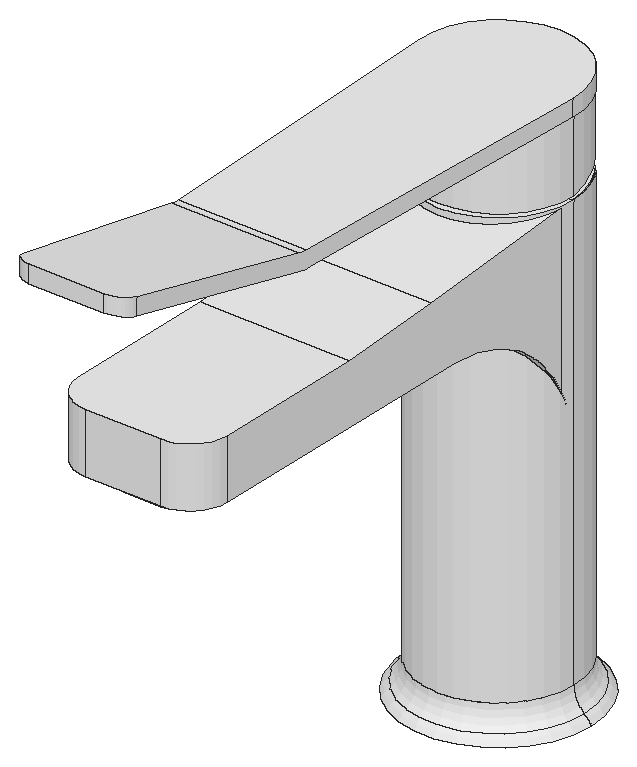
Revit family "Plum Fix_Tap_Argent_Pace Comfort 170 Basin Mixer", category Plumbing Fixtures, Revit 2016
Family settings
  Part Type = Normal
  Round Connector Dimension = Use Diameter
  OmniClass Number = 23.45.55.17
  OmniClass Title = Mixing Faucets
  Work Plane-Based = No
  Always vertical = Yes
  Cut with Voids When Loaded = Yes
  Shared = No
  Room Calculation Point = No
Parameters (values of type "Chrome")
  Waste Connection = no
  WFU = 0
  Vent Connection = no
  URL = "https://www.argentaust.com.au/"
  Type Comments = "Chrome Finish"
  ModifiedIssue_ANZRS = 20190503
  Model = "BL222625"  # constant formula
  Manufacturer_URL__Product Specific = "https://www.argentaust.com.au/argent-tapware-basin-mixers-basin-mixers-pace-comfort-170-basin-mixer?item=8824"
  Manufacturer_Spec Code = Model  # "BL222625"
  Manufacturer_Overall Width = 50 mm  # constant formula
  Manufacturer_Overall Height = 163 mm  # constant formula
  Manufacturer_Overall Depth = 170 mm  # constant formula
  Manufacturer_Height From FFL [instance] = 900 mm
  Manufacturer = "Argent"  # constant formula
  Keynote = ""
  HWFU = 0
  HW Connection = yes
  Description = "Pace Comfort 170 Basin Mixer"  # constant formula
  CreatedBy_ANZRS = "IGS BIM Solutions"  # constant formula
  CreatedByURL_ANZRS = "http://www.igsgroup.com.au"
  Cost = 0
  CWFU = 0
  CW Connection = yes
  Body Material = z_Argent_Chrome
  Assembly Code = ""
Reference planes
  plane 1 "Ref. Level": z = 0
  plane 2 "Center (Left/Right)": x = -4.48
  plane 3 "Left": x = -29.48
  plane 4 "Right": x = 20.52
  plane 5 "Center (Front/Back)": y = -400.5
  plane 6 "Back": y = -315.5
  plane 7 "Bottom": z = 900
  plane 8 "Front": y = -485.5
  plane 9 "Top": z = 1063
  plane 10 "Back Offset": y = -340.5
  plane 11 "Top Offset": z = 1025
  plane 12 "Face of Tap": z = 997
  plane 13 "Vertical Tap center": y = -452.5
Forms (mm)
  Revolve 1, solid, material "z_Argent_Chrome" <- "Body Material"
    sketch origin (0, -340.5, 1045.126) x (0, 0, -1) y (-1, 0, 0)
      loop
        line (145.126, 4.48) -> (145.126, 29.48)
        arc (145.126, 29.48) -> (143.919, 28.562) -> (142.835, 27.503) r 12.297
        arc (142.835, 27.503) -> (140.148, 25.558) -> (136.903, 24.871) r 8
        line (136.903, 24.871) -> (0, 24.871) -> (0, 22.48) -> (137.773, 22.48) -> (137.773, 4.48) -> (145.126, 4.48)
      axis (0, 4.48) -> (145.126, 4.48)
    angle from 0 to 360
  Extrusion 2, solid, material "z_Argent_Chrome" <- "Body Material"
    sketch origin (-4.48, 0, 1063) x (0, 1, 0) y (1, 0, 0)
      loop
        line (-485.5, 10.099) -> (-485.5, -10.1)
        arc (-485.5, -10.1) -> (-484.102, -13.568) -> (-480.689, -15.096) r 5
        line (-480.689, -15.096) -> (-340.97, -20.373)
        arc (-340.97, -20.373) -> (-319.806, 0.008) -> (-340.972, 20.387) r 20.395
        line (-340.972, 20.387) -> (-480.689, 15.096)
        arc (-480.689, 15.096) -> (-484.102, 13.567) -> (-485.5, 10.099) r 5
    from 0 to 17.874
  Extrusion 3, void
    sketch origin (20.52, 0, 0) x (0, 1, 0) y (0, 0, 1)
      loop
        line (-426.442, 1049.626) -> (-315.5, 1049.626) -> (-315.5, 1065.626) -> (-499.627, 1065.626) -> (-428.719, 1049.876)
        arc (-428.719, 1049.876) -> (-427.587, 1049.688) -> (-426.442, 1049.626) r 10.5
      loop
        line (-496.155, 1060.245) -> (-496.155, 1030.126) -> (-422.735, 1030.126) -> (-422.735, 1045.126) -> (-426.991, 1045.126)
        arc (-426.991, 1045.126) -> (-428.082, 1045.185) -> (-429.159, 1045.364) r 10
        line (-429.159, 1045.364) -> (-496.155, 1060.245)
    from -48.026 to -1.3
  Extrusion 4, void
    sketch origin (20.52, 0, 0) x (0, 1, 0) y (0, 0, 1)
      loop
        line (-318.939, 1025) -> (-318.939, 1031.777) -> (-340.5, 1026) -> (-362.815, 1026) -> (-362.815, 1025) -> (-318.939, 1025)
    from -47.678 to -2.172
  Revolve 5, solid, material "z_Argent_Chrome" <- "Body Material"
    sketch origin (0, -340.5, 1045.126) x (0, 0, -1) y (-1, 0, 0)
      loop
        line (0, 22.48) -> (0, 4.48) -> (137.773, 4.48) -> (137.773, 22.48) -> (0, 22.48)
      axis (0, 4.48) -> (137.773, 4.48)
    angle from 0 to 360
  Blend 6, solid, material "z_Argent_Chrome" <- "Body Material"
    base sketch origin (0, -485.5, 0) x (0, 0, 1) y (-1, 0, 0)
      loop
        line (1025, 24.48) -> (1003, 24.48) -> (1003, -15.52) -> (1025, -15.52) -> (1025, 24.48)
    top sketch origin (0, -485.5, 0) x (0, 0, 1) y (-1, 0, 0)
      loop
        line (1025, 27.48) -> (955, 27.48) -> (955, -18.52) -> (1025, -18.52) -> (1025, 27.48)
    from -16.854 to -171.863
  Extrusion 7, void
    sketch origin (20.52, 0, 0) x (0, 1, 0) y (0, 0, 1)
      loop
        line (-485.5, 1003) -> (-485.5, 929.846) -> (-340.5, 929.846) -> (-340.5, 963)
        arc (-340.5, 963) -> (-352.216, 991.284) -> (-380.5, 1003) r 40
        line (-380.5, 1003) -> (-485.5, 1003)
      loop
        line (-340.5, 1025) -> (-485.5, 1025) -> (-485.5, 1019.052) -> (-415.372, 1019.052)
        arc (-415.372, 1019.052) -> (-401.572, 1019.511) -> (-387.832, 1020.886) r 207.698
        arc (-387.832, 1020.886) -> (-364.214, 1023.491) -> (-340.5, 1025) r 513.448
    from -46.978 to -2.771
  Extrusion 8, void
    sketch origin (0, 0, 1063) x (0, 1, 0) y (-1, 0, 0)
      loop
        line (-310.301, 31.002) -> (-487.279, 31.002) -> (-487.279, -19.207) -> (-310.301, -19.207) -> (-310.301, 31.002)
      loop
        line (-340.5, 24.48) -> (-456.473, 24.48)
        arc (-456.473, 24.48) -> (-463.544, 21.551) -> (-466.473, 14.48) r 10
        line (-466.473, 14.48) -> (-466.473, -5.52)
        arc (-466.473, -5.52) -> (-463.544, -12.591) -> (-456.473, -15.52) r 10
        line (-456.473, -15.52) -> (-340.5, -15.52)
        arc (-340.5, -15.52) -> (-320.5, 4.48) -> (-340.5, 24.48) r 20
    from -35.697 to -131.154
  Extrusion 9, solid, material "z_Argent_Chrome" <- "Body Material"
    sketch origin (-4.48, 22.5, 1063) x (0, 1, 0) y (1, 0, 0)
      loop
        line (-467.5, -5) -> (-467.5, 5)
        arc (-467.5, 5) -> (-468.964, 8.536) -> (-472.5, 10) r 5
        line (-472.5, 10) -> (-477.5, 10)
        arc (-477.5, 10) -> (-481.036, 8.536) -> (-482.5, 5) r 5
        line (-482.5, 5) -> (-482.5, -5)
        arc (-482.5, -5) -> (-481.036, -8.536) -> (-477.5, -10) r 5
        line (-477.5, -10) -> (-472.5, -10)
        arc (-472.5, -10) -> (-468.964, -8.536) -> (-467.5, -5) r 5
      loop
        circle (-475, 0) r 5
    from 53 to 66
  Extrusion 10, void
    sketch origin (20.52, 22.5, 0) x (0, 1, 0) y (0, 0, 1)
      loop
        line (-467.5, 997) -> (-483.278, 998.371) -> (-483.278, 997) -> (-467.5, 997)
    from -35 to -15
  Extrusion 11, solid, material "z_Argent_Chrome" <- "Body Material"
    sketch origin (-189.564, -1524, 900) x (0, -1, 0) y (1, 0, 0)
      loop
        circle (-1183.5, 195.647) r 6.4
      loop
        circle (-1183.5, 174.521) r 6.4
    from 0 to 1
Cuts and joins
  Extrusion 3 cuts Extrusion 2
  Extrusion 4 cuts Revolve 1
  Extrusion 7, Extrusion 8 cuts Blend 6
  Extrusion 10 cuts Extrusion 9
Lines and regions (mm)
  Masking region 1
    outline origin (0, 0, 1063) x (0, 1, 0) y (-1, 0, 0)
      loop
        line (-464.689, 20.18) -> (-480.689, 19.576)
        arc (-480.689, 19.576) -> (-484.102, 18.048) -> (-485.5, 14.58) r 5
        line (-485.5, 14.58) -> (-485.5, -5.62)
        arc (-485.5, -5.62) -> (-484.102, -9.087) -> (-480.689, -10.616) r 5
        line (-480.689, -10.616) -> (-464.688, -11.222)
        arc (-464.688, -11.222) -> (-461.109, -14.381) -> (-456.473, -15.52) r 10
        line (-456.473, -15.52) -> (-355.5, -15.52)
        arc (-355.5, -15.52) -> (-316.783, -3.426) -> (-340.5, 29.48) r 25
        arc (-340.5, 29.48) -> (-348.406, 28.197) -> (-355.5, 24.48) r 25
        line (-355.5, 24.48) -> (-456.473, 24.48)
        arc (-456.473, 24.48) -> (-461.11, 23.34) -> (-464.689, 20.18) r 10
  Masking region 2
    outline origin (0, -485.5, 0) x (0, 0, 1) y (-1, 0, 0)
      loop
        line (900, 29.48) -> (900, -20.52)
        arc (900, -20.52) -> (901.245, -19.612) -> (902.319, -18.506) r 9.08
        arc (902.319, -18.506) -> (904.745, -16.7) -> (907.675, -15.946) r 7.847
        line (907.675, -15.946) -> (1025, -15.946) -> (1025, -13.52) -> (1026, -13.52) -> (1026, -15.911) -> (1049.626, -15.911) -> (1049.626, -12.621) -> (1061.419, -10.616)
        spline (1061.419, -10.616) -> (1061.555, -10.556) -> (1061.689, -10.424) -> (1061.818, -10.216) -> (1061.941, -9.935) -> (1062.055, -9.586) -> (1062.158, -9.175) -> (1062.25, -8.707) -> (1062.329, -8.19) -> (1062.392, -7.632) -> (1062.441, -7.042) -> (1062.473, -6.429) -> (1062.488, -5.802)
        line (1062.488, -5.802) -> (1062.488, 14.762)
        spline (1062.488, 14.762) -> (1062.473, 15.389) -> (1062.441, 16.002) -> (1062.392, 16.592) -> (1062.329, 17.15) -> (1062.25, 17.667) -> (1062.158, 18.135) -> (1062.055, 18.546) -> (1061.941, 18.895) -> (1061.818, 19.176) -> (1061.689, 19.384) -> (1061.555, 19.516) -> (1061.419, 19.571)
        line (1061.419, 19.571) -> (1049.626, 21.581) -> (1049.626, 24.871) -> (1026, 24.871) -> (1026, 22.48) -> (1025, 22.48) -> (1025, 24.906) -> (907.675, 24.906)
        arc (907.675, 24.906) -> (904.745, 25.66) -> (902.319, 27.466) r 7.847
        arc (902.319, 27.466) -> (901.245, 28.572) -> (900, 29.48) r 9.08
  Masking region 3
    outline origin (20.52, 0, 0) x (0, 1, 0) y (0, 0, 1)
      loop
        arc (-380.5, 1003) -> (-370.352, 1001.691) -> (-360.869, 997.851) r 40
        line (-360.869, 997.851) -> (-360.869, 908.094)
        arc (-360.869, 908.094) -> (-361.563, 905.001) -> (-363.397, 902.416) r 8.048
        arc (-363.397, 902.416) -> (-364.507, 901.26) -> (-365.497, 900) r 16.064
        line (-365.497, 900) -> (-315.503, 900)
        arc (-315.503, 900) -> (-316.493, 901.26) -> (-317.603, 902.416) r 16.064
        arc (-317.603, 902.416) -> (-319.437, 905.001) -> (-320.131, 908.094) r 8.048
        line (-320.131, 908.094) -> (-320.131, 1025) -> (-322.5, 1025) -> (-322.5, 1030.823) -> (-319.806, 1031.545) -> (-319.806, 1049.626) -> (-426.442, 1049.626)
        arc (-426.442, 1049.626) -> (-427.587, 1049.688) -> (-428.719, 1049.876) r 10.5
        line (-428.719, 1049.876) -> (-485.5, 1062.488) -> (-485.5, 1057.878) -> (-429.159, 1045.364)
        arc (-429.159, 1045.364) -> (-428.082, 1045.185) -> (-426.991, 1045.126) r 10
        line (-426.991, 1045.126) -> (-360.891, 1045.126) -> (-360.891, 1026) -> (-358.5, 1026) -> (-358.5, 1025) -> (-360.891, 1025) -> (-360.891, 1023.769)
        arc (-360.891, 1023.769) -> (-374.38, 1022.505) -> (-387.832, 1020.886) r 513.448
        arc (-387.832, 1020.886) -> (-401.572, 1019.511) -> (-415.372, 1019.052) r 207.698
        line (-415.372, 1019.052) -> (-466.473, 1019.052) -> (-466.473, 1003) -> (-460, 1003) -> (-460, 998.304) -> (-444.999, 997) -> (-444.999, 1003) -> (-380.5, 1003)
  symbolic lines, style "Taps/Mixers", detail levels medium+fine
    curve 1: arc (-24.853, -340.97, 1063) -> (-4.472, -319.806, 1063) -> (15.907, -340.972, 1063) r 20.395
    curve 3: line (15.907, -340.972, 1063) -> (15.348, -355.726, 1063)
    curve 4: line (-24.295, -355.744, 1063) -> (-24.853, -340.97, 1063)
    curve 6: line (-24.871, -485.5, 1045.126) -> (15.911, -485.5, 1045.126)
    curve 7: line (15.911, -485.5, 1026) -> (-24.871, -485.5, 1026)
    curve 8: line (-24.871, -485.5, 1025) -> (15.911, -485.5, 1025)
    curve 9: line (15.52, -485.5, 1003) -> (-24.48, -485.5, 1003)
    curve 10: line (-24.48, -485.5, 1019.052) -> (15.52, -485.5, 1019.052)
    curve 11: line (-14.48, -485.5, 1003) -> (-14.48, -485.5, 997.434)
    curve 12: line (0.611, -485.5, 997) -> (-9.571, -485.5, 997)
    curve 13: spline (-9.571, -485.5, 997) -> (-10.215, -485.5, 997.005) -> (-10.848, -485.5, 997.017) -> (-11.457, -485.5, 997.035) -> (-12.033, -485.5, 997.061) -> (-12.566, -485.5, 997.093) -> (-13.047, -485.5, 997.13) -> (-13.469, -485.5, 997.173) -> (-13.825, -485.5, 997.219) -> (-14.107, -485.5, 997.27) -> (-14.313, -485.5, 997.323) -> (-14.437, -485.5, 997.378) -> (-14.479, -485.5, 997.434)
    curve 14: line (5.52, -485.5, 1003) -> (5.52, -485.5, 997.434)
    curve 15: spline (0.611, -485.5, 997) -> (1.255, -485.5, 997.005) -> (1.888, -485.5, 997.017) -> (2.497, -485.5, 997.035) -> (3.073, -485.5, 997.061) -> (3.606, -485.5, 997.093) -> (4.087, -485.5, 997.13) -> (4.509, -485.5, 997.173) -> (4.865, -485.5, 997.219) -> (5.147, -485.5, 997.27) -> (5.353, -485.5, 997.323) -> (5.477, -485.5, 997.378) -> (5.519, -485.5, 997.434)
    curve 21: line (-24.48, -485.5, 1019.052) -> (-24.48, -485.5, 1003)
    curve 22: line (15.52, -485.5, 1003) -> (15.52, -485.5, 1019.052)
    curve 25: arc (-14.48, -485.5, 997.869) -> (-13.798, -485.5, 998.096) -> (-13.084, -485.5, 998.166) r 3.224
    curve 26: arc (-13.084, -485.5, 998.166) -> (-11.758, -485.5, 998.26) -> (-10.429, -485.5, 998.305) r 35.976
    curve 27: line (-10.429, -485.5, 998.305) -> (1.469, -485.5, 998.305)
    curve 28: arc (5.52, -485.5, 997.869) -> (4.839, -485.5, 998.096) -> (4.124, -485.5, 998.166) r 3.224
    curve 29: arc (4.124, -485.5, 998.166) -> (2.798, -485.5, 998.26) -> (1.469, -485.5, 998.305) r 35.976
    curve 31: line (20.52, -360.891, 1026) -> (20.52, -340.5, 1026)
    curve 32: line (20.52, -340.5, 1026) -> (20.52, -320.258, 1031.424)
    curve 33: line (20.52, -360.891, 1025) -> (20.52, -320.109, 1025)
    curve 35: line (20.52, -460, 1003) -> (20.52, -444.999, 1003)
    curve 36: arc (-29.48, -340.5, 1063) -> (-28.148, -348.551, 1063) -> (-24.295, -355.744, 1063) r 25
    curve 37: arc (15.348, -355.726, 1063) -> (3.56, -316.828, 1063) -> (-29.48, -340.5, 1063) r 25
  symbolic lines, style "Taps/Mixers", detail levels fine
    curve 2: line (-20.18, -464.689, 1063) -> (-24.295, -355.744, 1063)
    curve 5: line (15.348, -355.726, 1063) -> (11.222, -464.688, 1063)
    curve 16: line (-19.576, -485.5, 1056.809) -> (-21.563, -485.5, 1045.126)
    curve 17: spline (-14.762, -485.5, 1057.878) -> (-15.389, -485.5, 1057.863) -> (-16.002, -485.5, 1057.831) -> (-16.592, -485.5, 1057.783) -> (-17.15, -485.5, 1057.719) -> (-17.667, -485.5, 1057.64) -> (-18.135, -485.5, 1057.549) -> (-18.546, -485.5, 1057.445) -> (-18.895, -485.5, 1057.331) -> (-19.176, -485.5, 1057.209) -> (-19.384, -485.5, 1057.079) -> (-19.516, -485.5, 1056.946) -> (-19.571, -485.5, 1056.809)
    curve 18: line (-14.762, -485.5, 1057.878) -> (5.802, -485.5, 1057.878)
    curve 19: spline (10.61, -485.5, 1056.81) -> (10.556, -485.5, 1056.946) -> (10.423, -485.5, 1057.08) -> (10.215, -485.5, 1057.209) -> (9.935, -485.5, 1057.331) -> (9.586, -485.5, 1057.445) -> (9.174, -485.5, 1057.549) -> (8.707, -485.5, 1057.64) -> (8.19, -485.5, 1057.719) -> (7.632, -485.5, 1057.783) -> (7.042, -485.5, 1057.831) -> (6.428, -485.5, 1057.863) -> (5.802, -485.5, 1057.878)
    curve 20: line (10.616, -485.5, 1056.809) -> (12.603, -485.5, 1045.126)
    curve 23: spline (-4.48, -485.5, 997.217) -> (-3.184, -485.5, 997.232) -> (-1.977, -485.5, 997.276) -> (-0.942, -485.5, 997.345) -> (-0.147, -485.5, 997.435) -> (0.352, -485.5, 997.54) -> (0.522, -485.5, 997.652) -> (0.352, -485.5, 997.764) -> (-0.147, -485.5, 997.869) -> (-0.942, -485.5, 997.959) -> (-1.977, -485.5, 998.028) -> (-3.184, -485.5, 998.071) -> (-4.48, -485.5, 998.087)
    curve 24: spline (-4.48, -485.5, 998.087) -> (-5.776, -485.5, 998.071) -> (-6.983, -485.5, 998.028) -> (-8.018, -485.5, 997.959) -> (-8.813, -485.5, 997.869) -> (-9.312, -485.5, 997.764) -> (-9.482, -485.5, 997.652) -> (-9.312, -485.5, 997.54) -> (-8.813, -485.5, 997.435) -> (-8.018, -485.5, 997.345) -> (-6.983, -485.5, 997.276) -> (-5.776, -485.5, 997.232) -> (-4.48, -485.5, 997.217)
    curve 30: line (20.52, -360.891, 1045.126) -> (20.52, -319.806, 1045.126)
    curve 34: arc (20.52, -340.501, 963.319) -> (20.52, -352.329, 991.397) -> (20.52, -380.5, 1003) r 40
Text (mm)
  text "Disclaimer:\n\nDue to ongoing product development and manufacturing evolution, product details are subject to change without notice. Please refer to product technical data sheets on the manufacturer’s website for the most current product information. Please allow a +/- 5mm manufacturing tolerance for dimensions and set-outs shown in product literature." at (113.886, -314.392, 0), in view "Ref. Level_Instruction"
Dimensions and locks
  "Manufacturer_Overall Height": plane 9 "Top" to plane 7 "Bottom"
  equal spacing: plane 3 "Left", plane 2 "Center (Left/Right)", plane 4 "Right"
  "Manufacturer_Overall Width": plane 3 "Left" to plane 4 "Right"
  "Manufacturer_Overall Depth": plane 8 "Front" to plane 6 "Back"
  equal spacing: plane 8 "Front", plane 5 "Center (Front/Back)", plane 6 "Back"
  "Manufacturer_Height From FFL": plane 7 "Bottom" to level
  plane 7 "Bottom" to plane 11 "Top Offset" = 125 mm
  plane 7 "Bottom" to plane 12 "Face of Tap" = 97 mm
  plane 13 "Vertical Tap center" to plane 10 "Back Offset" = 112 mm
  aligned and locked: Extrusion 2 sketch curve to plane 8 "Front"
  aligned and locked: cut or joined group of Extrusion 2, Extrusion 3 to Extrusion 3 sketch curve
  aligned and locked: Extrusion 4 sketch curve to plane 11 "Top Offset"
  aligned and locked: Revolve 5 sketch curve to plane 2 "Center (Left/Right)"
  aligned and locked: Extrusion 7 sketch curve to plane 8 "Front"
  aligned and locked: Extrusion 9 to plane 12 "Face of Tap"
  aligned and locked: Extrusion 7 sketch curve to plane 11 "Top Offset"
  aligned and locked: Revolve 5 sketch curve to cut or joined group of Revolve 1, Extrusion 4
  aligned and locked: plane 6 "Back" to Extrusion 3 sketch curve
Automatic sketch dimensions
  Extrusion 4 sketch curve to plane 10 "Back Offset" = 0 mm
  plane 10 "Back Offset" to Extrusion 4 sketch curve = 22.315 mm
  Extrusion 4 sketch curve to plane 6 "Back" = 3.439 mm
  Extrusion 4 sketch curve to plane 11 "Top Offset" = 1 mm
  Extrusion 4 sketch curve to Extrusion 4 sketch curve = 6.777 mm
  Blend 6 sketch curve to plane 11 "Top Offset" = 0 mm  (x2)
  Blend 6 sketch curve to plane 4 "Right" = 2 mm
  Blend 6 sketch curve to plane 7 "Bottom" = 55 mm
  plane 3 "Left" to Blend 6 sketch curve = 2 mm
  Extrusion 9 sketch curve to plane 2 "Center (Left/Right)" = 0 mm
  Extrusion 9 sketch curve to plane 8 "Front" = 25.5 mm
  Extrusion 9 sketch curve to Extrusion 9 sketch curve = 5 mm  (x5)
  Extrusion 9 sketch curve to Extrusion 9 sketch curve = 2.5 mm
  plane 2 "Center (Left/Right)" to Extrusion 9 sketch curve = 5 mm
  Extrusion 9 sketch curve to plane 2 "Center (Left/Right)" = 5 mm
  Extrusion 2 sketch curve to plane 8 "Front" = 4.811 mm  (x2)
  Extrusion 2 sketch curve to plane 8 "Front" = 5 mm  (x2)
  plane 10 "Back Offset" to Extrusion 2 sketch curve = 0.472 mm
  plane 10 "Back Offset" to Extrusion 2 sketch curve = 0.47 mm
  plane 2 "Center (Left/Right)" to Extrusion 2 sketch curve = 0.007 mm
  Extrusion 2 sketch curve to plane 10 "Back Offset" = 0.299 mm
  plane 2 "Center (Left/Right)" to Extrusion 2 sketch curve = 10.099 mm
  Extrusion 2 sketch curve to plane 4 "Right" = 4.613 mm
  Extrusion 2 sketch curve to plane 2 "Center (Left/Right)" = 10.1 mm
  Extrusion 8 sketch curve to plane 2 "Center (Left/Right)" = 0 mm
  plane 10 "Back Offset" to Extrusion 8 sketch curve = 0 mm
  Extrusion 8 sketch curve to plane 13 "Vertical Tap center" = 3.973 mm  (x2)
  Extrusion 8 sketch curve to Extrusion 8 sketch curve = 10 mm
  Extrusion 8 sketch curve to plane 4 "Right" = 1.313 mm
  plane 6 "Back" to Extrusion 8 sketch curve = 5.199 mm
  Extrusion 8 sketch curve to plane 4 "Right" = 5 mm
  Extrusion 8 sketch curve to plane 3 "Left" = 1.522 mm
  plane 8 "Front" to Extrusion 8 sketch curve = 1.779 mm
  Masking region 1 sketch curve to Masking region 1 sketch curve = 0 mm  (x2)
  plane 8 "Front" to Masking region 1 sketch curve = 0 mm
  Masking region 1 sketch curve to plane 2 "Center (Left/Right)" = 0 mm
  plane 10 "Back Offset" to Masking region 1 sketch curve = 0 mm
  Masking region 1 sketch curve to plane 3 "Left" = 0 mm
  Masking region 1 sketch curve to plane 8 "Front" = 4.811 mm  (x2)
  Masking region 1 sketch curve to plane 8 "Front" = 5 mm  (x2)
  Masking region 1 sketch curve to plane 13 "Vertical Tap center" = 12.189 mm
  Masking region 1 sketch curve to plane 13 "Vertical Tap center" = 12.188 mm
  Masking region 1 sketch curve to plane 13 "Vertical Tap center" = 3.973 mm  (x2)
  Masking region 1 sketch curve to plane 4 "Right" = 5 mm
  plane 3 "Left" to Masking region 1 sketch curve = 5 mm
  Masking region 1 sketch curve to Masking region 1 sketch curve = 4.298 mm
  Masking region 1 sketch curve to plane 4 "Right" = 9.904 mm
  Masking region 1 sketch curve to plane 2 "Center (Left/Right)" = 10 mm
  Masking region 1 sketch curve to plane 2 "Center (Left/Right)" = 10.1 mm
  plane 10 "Back Offset" to curve 4 = 0.47 mm
  plane 2 "Center (Left/Right)" to curve 1 = 0.007 mm
  curve 1 to plane 10 "Back Offset" = 0.299 mm
  plane 3 "Left" to curve 4 = 4.627 mm
  plane 10 "Back Offset" to curve 1 = 0.472 mm
  curve 2 to plane 8 "Front" = 20.811 mm
  plane 3 "Left" to curve 2 = 9.3 mm
  curve 5 to plane 8 "Front" = 20.812 mm
  curve 5 to plane 4 "Right" = 9.298 mm
  curve 4 to curve 1 = 14.773 mm
  curve 3 to plane 4 "Right" = 5.172 mm
  curve 3 to curve 3 = 14.754 mm
  plane 3 "Left" to curve 2 = 5.185 mm
  curve 12 to plane 12 "Face of Tap" = 0 mm
  curve 24 to plane 2 "Center (Left/Right)" = 0 mm  (x2)
  curve 8 to plane 11 "Top Offset" = 0 mm
  curve 25 to plane 12 "Face of Tap" = 2.058 mm
  curve 28 to plane 12 "Face of Tap" = 2.058 mm
  plane 2 "Center (Left/Right)" to curve 29 = 5.395 mm
  curve 29 to curve 28 = 32.609 mm
  curve 26 to plane 2 "Center (Left/Right)" = 5.395 mm
  curve 26 to curve 29 = 0 mm
  plane 12 "Face of Tap" to curve 27 = 1.305 mm
  plane 12 "Face of Tap" to curve 9 = 6 mm
  plane 11 "Top Offset" to curve 22 = 5.948 mm
  plane 9 "Top" to curve 18 = 5.122 mm
  plane 2 "Center (Left/Right)" to curve 27 = 5.949 mm
  curve 28 to curve 27 = 2.699 mm
  plane 2 "Center (Left/Right)" to curve 18 = 10.282 mm
  curve 22 to plane 4 "Right" = 5 mm
  curve 27 to curve 12 = 0.858 mm
  curve 12 to plane 2 "Center (Left/Right)" = 5.091 mm
  curve 12 to curve 27 = 0.858 mm
  curve 13 to curve 25 = 3.557 mm
  curve 18 to plane 2 "Center (Left/Right)" = 10.282 mm
  plane 3 "Left" to curve 10 = 5 mm
  plane 12 "Face of Tap" to curve 24 = 0.217 mm
  plane 12 "Face of Tap" to curve 11 = 0.434 mm
  plane 12 "Face of Tap" to curve 14 = 0.434 mm
  curve 15 to curve 14 = 0 mm
  plane 12 "Face of Tap" to curve 13 = 0.434 mm
  curve 15 to curve 23 = 0.218 mm
  curve 14 to curve 28 = 0.435 mm
  curve 11 to curve 25 = 0.435 mm
  plane 12 "Face of Tap" to curve 29 = 1.166 mm
  plane 12 "Face of Tap" to curve 26 = 1.166 mm
  curve 7 to plane 11 "Top Offset" = 1 mm
  plane 3 "Left" to curve 16 = 7.917 mm
  curve 16 to curve 17 = 12.752 mm
  curve 17 to curve 17 = 1.095 mm
  curve 19 to curve 18 = 1.095 mm
  curve 17 to curve 17 = 0.026 mm
  curve 17 to curve 16 = 0 mm
  curve 19 to curve 20 = 0.026 mm
  curve 20 to curve 19 = 0 mm
  curve 14 to curve 15 = 0.001 mm
  curve 18 to curve 19 = 0.246 mm
  curve 19 to curve 18 = 4.809 mm
  curve 20 to curve 19 = 0.006 mm
  curve 20 to plane 4 "Right" = 7.917 mm
  curve 8 to plane 4 "Right" = 4.609 mm
  curve 7 to curve 8 = 0 mm  (x2)
  curve 6 to curve 20 = 3.308 mm
  curve 15 to curve 23 = 0.089 mm
  curve 23 to curve 15 = 0.013 mm
  plane 2 "Center (Left/Right)" to curve 24 = 0.019 mm
  curve 23 to plane 2 "Center (Left/Right)" = 0.019 mm
  curve 13 to curve 12 = 0.101 mm
  curve 13 to curve 24 = 0.013 mm
  curve 13 to curve 11 = 0.001 mm
  curve 17 to curve 17 = 0.246 mm
  curve 17 to curve 17 = 4.809 mm
  curve 17 to curve 16 = 0.006 mm
  plane 3 "Left" to curve 7 = 4.609 mm
  curve 16 to curve 6 = 3.308 mm
  Revolve 1 sketch curve to plane 2 "Center (Left/Right)" = 0 mm  (x2)
  Revolve 1 sketch curve to plane 7 "Bottom" = 0 mm
  Revolve 1 sketch curve to plane 3 "Left" = 0 mm
  plane 7 "Bottom" to Revolve 1 sketch curve = 7.353 mm
  Revolve 1 sketch curve to Revolve 1 sketch curve = 0.87 mm
  Revolve 1 sketch curve to plane 3 "Left" = 7 mm
  Revolve 1 sketch curve to plane 9 "Top" = 17.874 mm
  Revolve 1 sketch curve to plane 7 "Bottom" = 6.827 mm
  Revolve 1 sketch curve to plane 3 "Left" = 10.228 mm
  Revolve 1 sketch curve to Revolve 1 sketch curve = 2.391 mm
  plane 3 "Left" to Revolve 1 sketch curve = 3.391 mm
  Revolve 1 sketch curve to Revolve 1 sketch curve = 13.173 mm
  Revolve 1 sketch curve to Revolve 1 sketch curve = 15 mm
  Extrusion 3 sketch curve to plane 5 "Center (Front/Back)" = 22.235 mm
  plane 9 "Top" to Extrusion 3 sketch curve = 2.874 mm
  Extrusion 3 sketch curve to Extrusion 3 sketch curve = 3.708 mm
  Extrusion 3 sketch curve to Extrusion 3 sketch curve = 4.256 mm
  Extrusion 3 sketch curve to Extrusion 3 sketch curve = 2.277 mm
  plane 9 "Top" to Extrusion 3 sketch curve = 17.636 mm
  Extrusion 3 sketch curve to Extrusion 3 sketch curve = 2.168 mm
  Extrusion 3 sketch curve to plane 11 "Top Offset" = 5.126 mm
  plane 8 "Front" to Extrusion 3 sketch curve = 10.655 mm
  Extrusion 3 sketch curve to plane 9 "Top" = 2.626 mm
  Extrusion 3 sketch curve to Extrusion 3 sketch curve = 3.473 mm
  Extrusion 3 sketch curve to Extrusion 3 sketch curve = 4.5 mm
  plane 9 "Top" to Extrusion 3 sketch curve = 2.755 mm
  Revolve 5 sketch curve to plane 2 "Center (Left/Right)" = 0 mm
  Revolve 5 sketch curve to plane 3 "Left" = 7 mm
  Revolve 5 sketch curve to plane 9 "Top" = 17.874 mm
  Revolve 5 sketch curve to plane 7 "Bottom" = 20 mm
  Revolve 5 sketch curve to Revolve 5 sketch curve = 15 mm
  plane 12 "Face of Tap" to Blend 6 sketch curve = 6 mm
  Blend 6 sketch curve to plane 4 "Right" = 5 mm
  plane 3 "Left" to Blend 6 sketch curve = 5 mm
  Extrusion 7 sketch curve to plane 8 "Front" = 0 mm
  Extrusion 7 sketch curve to plane 10 "Back Offset" = 0 mm  (x2)
  Extrusion 7 sketch curve to plane 5 "Center (Front/Back)" = 14.872 mm
  plane 12 "Face of Tap" to Extrusion 7 sketch curve = 6 mm
  plane 5 "Center (Front/Back)" to Extrusion 7 sketch curve = 20 mm
  Extrusion 7 sketch curve to plane 6 "Back" = 4.252 mm
  Extrusion 7 sketch curve to plane 7 "Bottom" = 29.846 mm
  plane 7 "Bottom" to Extrusion 7 sketch curve = 388.028 mm
  plane 11 "Top Offset" to Extrusion 7 sketch curve = 5.948 mm
  Extrusion 7 sketch curve to plane 9 "Top" = 163.75 mm
  Extrusion 10 sketch curve to plane 12 "Face of Tap" = 0 mm
  Extrusion 10 sketch curve to plane 13 "Vertical Tap center" = 8.278 mm
  plane 13 "Vertical Tap center" to Extrusion 10 sketch curve = 7.5 mm
  plane 12 "Face of Tap" to Extrusion 10 sketch curve = 1.371 mm
  Masking region 2 sketch curve to plane 4 "Right" = 0 mm
  Masking region 2 sketch curve to plane 7 "Bottom" = 0 mm
  Masking region 2 sketch curve to plane 11 "Top Offset" = 0 mm  (x2)
  Masking region 2 sketch curve to plane 3 "Left" = 0 mm
  plane 7 "Bottom" to Masking region 2 sketch curve = 4.709 mm  (x2)
  plane 3 "Left" to Masking region 2 sketch curve = 4.574 mm
  Masking region 2 sketch curve to plane 7 "Bottom" = 7.675 mm  (x2)
  Masking region 2 sketch curve to plane 4 "Right" = 4.574 mm
  Masking region 2 sketch curve to plane 3 "Left" = 3.26 mm
  Masking region 2 sketch curve to Masking region 2 sketch curve = 0.455 mm  (x2)
  plane 4 "Right" to Masking region 2 sketch curve = 3.26 mm
  Masking region 2 sketch curve to plane 11 "Top Offset" = 1 mm  (x2)
  plane 9 "Top" to Masking region 2 sketch curve = 13.374 mm  (x2)
  plane 9 "Top" to Masking region 2 sketch curve = 0.512 mm
  Masking region 2 sketch curve to Masking region 2 sketch curve = 0.035 mm  (x2)
  Masking region 2 sketch curve to Masking region 2 sketch curve = 2.391 mm
  Masking region 2 sketch curve to Masking region 2 sketch curve = 7.764 mm  (x2)
  Masking region 2 sketch curve to Masking region 2 sketch curve = 3.289 mm
  plane 2 "Center (Left/Right)" to Masking region 2 sketch curve = 10.282 mm
  Masking region 2 sketch curve to plane 2 "Center (Left/Right)" = 10.282 mm
  plane 3 "Left" to Masking region 2 sketch curve = 7.899 mm
  Masking region 2 sketch curve to Masking region 2 sketch curve = 2.426 mm
  plane 9 "Top" to Masking region 2 sketch curve = 1.607 mm  (x2)
  Masking region 2 sketch curve to Masking region 2 sketch curve = 0.026 mm  (x2)
  Masking region 2 sketch curve to Masking region 2 sketch curve = 0 mm  (x2)
  Masking region 2 sketch curve to Masking region 2 sketch curve = 4.814 mm
  Masking region 2 sketch curve to Masking region 2 sketch curve = 0.004 mm
  Masking region 2 sketch curve to Masking region 2 sketch curve = 0.006 mm  (x2)
  Masking region 2 sketch curve to Masking region 2 sketch curve = 0.246 mm
  Masking region 2 sketch curve to Masking region 2 sketch curve = 4.809 mm
  Masking region 3 sketch curve to plane 8 "Front" = 0 mm
  plane 11 "Top Offset" to Masking region 3 sketch curve = 0 mm  (x2)
  plane 7 "Bottom" to Masking region 3 sketch curve = 0 mm
  plane 12 "Face of Tap" to Masking region 3 sketch curve = 6 mm  (x2)
  Masking region 3 sketch curve to plane 13 "Vertical Tap center" = 13.973 mm
  Masking region 3 sketch curve to Masking region 3 sketch curve = 6.473 mm
  Masking region 3 sketch curve to plane 12 "Face of Tap" = 0 mm
  plane 13 "Vertical Tap center" to Masking region 3 sketch curve = 7.501 mm
  plane 13 "Vertical Tap center" to Masking region 3 sketch curve = 23.341 mm
  Masking region 3 sketch curve to Masking region 3 sketch curve = 0.44 mm
  Masking region 3 sketch curve to Masking region 3 sketch curve = 2.168 mm
  Masking region 3 sketch curve to Masking region 3 sketch curve = 2.277 mm
  Masking region 3 sketch curve to plane 5 "Center (Front/Back)" = 14.872 mm
  plane 5 "Center (Front/Back)" to Masking region 3 sketch curve = 20 mm
  Masking region 3 sketch curve to plane 7 "Bottom" = 8.275 mm
  plane 10 "Back Offset" to Masking region 3 sketch curve = 20.391 mm
  Masking region 3 sketch curve to Masking region 3 sketch curve = 0 mm  (x2)
  Masking region 3 sketch curve to Masking region 3 sketch curve = 8.046 mm
  Masking region 3 sketch curve to plane 11 "Top Offset" = 1 mm
  Masking region 3 sketch curve to Masking region 3 sketch curve = 2.391 mm
  plane 10 "Back Offset" to Masking region 3 sketch curve = 11.884 mm
  Masking region 3 sketch curve to plane 10 "Back Offset" = 11.884 mm
  Masking region 3 sketch curve to plane 6 "Back" = 7 mm
  Masking region 3 sketch curve to plane 6 "Back" = 4.631 mm
  Masking region 3 sketch curve to Masking region 3 sketch curve = 2.694 mm
  Masking region 3 sketch curve to plane 6 "Back" = 4.252 mm
  plane 6 "Back" to Masking region 3 sketch curve = 3.415 mm
  plane 7 "Bottom" to Masking region 3 sketch curve = 9.279 mm  (x2)
  Masking region 3 sketch curve to Masking region 3 sketch curve = 378.749 mm
  Masking region 3 sketch curve to Masking region 3 sketch curve = 0.18 mm  (x2)
  Masking region 3 sketch curve to plane 7 "Bottom" = 8.094 mm
  Masking region 3 sketch curve to plane 12 "Face of Tap" = 34 mm
  plane 12 "Face of Tap" to Masking region 3 sketch curve = 1.304 mm
  plane 11 "Top Offset" to Masking region 3 sketch curve = 5.948 mm
  Masking region 3 sketch curve to Masking region 3 sketch curve = 1.231 mm
  Masking region 3 sketch curve to plane 11 "Top Offset" = 5.823 mm
  Masking region 3 sketch curve to Masking region 3 sketch curve = 0.722 mm
  plane 9 "Top" to Masking region 3 sketch curve = 17.874 mm
  Masking region 3 sketch curve to Masking region 3 sketch curve = 0.238 mm
  plane 9 "Top" to Masking region 3 sketch curve = 13.374 mm
  Masking region 3 sketch curve to Masking region 3 sketch curve = 0.25 mm
  plane 9 "Top" to Masking region 3 sketch curve = 5.122 mm
  plane 9 "Top" to Masking region 3 sketch curve = 0.512 mm
  Masking region 3 sketch curve to plane 9 "Top" = 163.75 mm
  Masking region 3 sketch curve to Masking region 3 sketch curve = 2.1 mm
  plane 10 "Back Offset" to Masking region 3 sketch curve = 20.369 mm
  plane 11 "Top Offset" to curve 33 = 0 mm
  curve 32 to plane 10 "Back Offset" = 0 mm
  plane 5 "Center (Front/Back)" to curve 34 = 20 mm
  curve 34 to plane 12 "Face of Tap" = 34 mm
  curve 32 to plane 11 "Top Offset" = 1 mm
  plane 10 "Back Offset" to curve 34 = 0.001 mm
  plane 10 "Back Offset" to curve 30 = 20.391 mm
  curve 33 to curve 30 = 0 mm
  curve 31 to curve 33 = 0 mm
  plane 13 "Vertical Tap center" to curve 35 = 7.501 mm
  curve 35 to plane 13 "Vertical Tap center" = 7.5 mm
  curve 32 to plane 6 "Back" = 4.758 mm
  curve 33 to plane 6 "Back" = 4.609 mm
  curve 30 to plane 6 "Back" = 4.306 mm
  plane 12 "Face of Tap" to curve 35 = 6 mm
  curve 34 to curve 33 = 22 mm
  curve 32 to plane 11 "Top Offset" = 6.424 mm
  plane 9 "Top" to curve 30 = 17.874 mm
  plane 10 "Back Offset" to Extrusion 11 sketch curve = 0 mm  (x2)
  Extrusion 11 sketch curve to plane 2 "Center (Left/Right)" = 10.563 mm
  plane 2 "Center (Left/Right)" to Extrusion 11 sketch curve = 10.563 mm
  curve 36 to plane 3 "Left" = 0 mm
  plane 10 "Back Offset" to curve 36 = 0 mm
  radius of Extrusion 9 sketch curve = 5 mm
  radius of Extrusion 11 sketch curve = 6.4 mm  (x2)
Connectors
  piping at (-15.043, -340.5, 900), diameter 12.5
    settings: on Extrusion 11, index 1, connector inside diameter 609.6 mm, connector length 0 mm, flow factor 0, pipe flow 0.000 L/s, pressure drop 0.0 Pa, fitting loss kfactor 0, connector angle 0.00°, fixture units 0, engagement length 0 mm, angle of deflection 0.00°, flow configuration 2, flow direction 1, fitting loss method 0, system type 19, joint type 0, gender type 0, connector reference index -1, connector utility 0, adjustable connector no, is connector primary yes, connector description "Hot Water Supply"
  piping at (6.083, -340.5, 899), diameter 12.7
    settings: on Extrusion 11, index 2, connector inside diameter 609.6 mm, connector length 0 mm, flow factor 0, pipe flow 0.000 L/s, pressure drop 0.0 Pa, fitting loss kfactor 0, connector angle 0.00°, fixture units 0, engagement length 0 mm, angle of deflection 0.00°, flow configuration 2, flow direction 1, fitting loss method 0, system type 20, joint type 0, gender type 0, connector reference index -1, connector utility 0, adjustable connector no, is connector primary no, connector description "Cold Water Supply"
